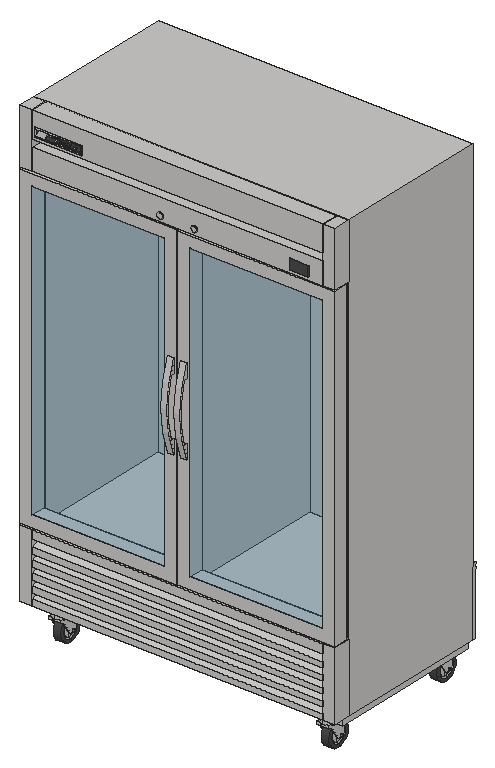
Revit family "QF_TRUE_T-49G-HC~FGD01", category Specialty Equipment, Revit 2015 (continued)
Definition of nested family "T-49G-HC-FGD01"
  Forms (in)
    Extrusion 53, solid, not visible
      from 0 to 0.15489
    Extrusion 54, solid, not visible
      sketch origin (-0.05149, -26.8125, 18.875) x (0, -1, 0) y (-1, 0, 0)
        loop
          circle (2.05773, -0.68546) r 0.25
      from 0 to 0.25
    Extrusion 55, solid, not visible
      sketch origin (24.98442, -26.46875, 73.625) x (-1, 0, 0) y (0, -1, 0)
        loop
          line (24.5625, 1.62139) -> (24.5625, 2.6725) -> (21.0974, 2.6725) -> (21.0974, 1.62139) -> (24.5625, 1.62139)
        loop
          circle (24.12704, 2.16728) r 0.25
        loop
          circle (22.47678, 2.15567) r 0.25
        loop
          circle (21.47678, 2.15567) r 0.25
      from 0 to 0.11097
    Extrusion 56, solid, not visible
      sketch origin (24.98442, -26.46875, 73.625) x (-1, 0, 0) y (0, -1, 0)
        loop
          circle (22.47678, 2.15567) r 0.25
        loop
          circle (21.47678, 2.15567) r 0.25
      from 0 to 0.25
    Extrusion 57, solid, not visible
      sketch origin (24.98442, -26.46875, 73.625) x (-1, 0, 0) y (0, -1, 0)
        loop
          circle (24.12704, 2.16728) r 0.25
      from 0 to 0.25
    Extrusion 58, solid, not visible
      sketch origin (0.17192, -26.8125, 74.11977) x (-1, 0, 0) y (0, 1, 0)
        loop
          line (-0.22917, -2.35477) -> (-0.27027, 0) -> (-1.18806, 0) -> (-1.22917, -2.35477) -> (-0.22917, -2.35477)
        loop
          circle (-0.6841, -1.82353) r 0.25
      from 0.24477 to 0.38381
  Cuts and joins
    joined: Extrusion 1, Extrusion 7, Extrusion 9, Extrusion 14
  Lines and regions (in)
    symbolic lines
      curve 1: line (0, -29.8125, 0) -> (54.15625, -29.8125, 0)
      curve 2: line (0, 0.5, 0) -> (0, -29.8125, 0)
      curve 3: line (54.15625, 0.5, 0) -> (0, 0.5, 0)
      curve 4: line (54.15625, -29.8125, 0) -> (54.15625, 0.5, 0)
      curve 5: line (0, 0, 0) -> (54.15625, 0, 0)
      curve 6: line (0, -26.8125, 0) -> (54.15625, -26.8125, 0)
      curve 7: line (2, -29.8125, 0) -> (2, -26.8125, 0)
      curve 8: line (52.15625, -29.8125, 0) -> (52.15625, -26.8125, 0)
      curve 9: line (25.44851, -31.34375, 0) -> (25.44851, -29.8125, 0)
      curve 10: line (25.44851, -31.34375, 0) -> (26.45776, -31.34375, 0)
      curve 11: line (26.45776, -31.34375, 0) -> (26.45776, -29.8125, 0)
      curve 12: line (27.69849, -29.8125, 0) -> (27.69849, -31.34375, 0)
      curve 13: line (28.70774, -29.8125, 0) -> (28.70774, -31.34375, 0)
      curve 14: line (28.70774, -31.34375, 0) -> (27.69849, -31.34375, 0)
      curve 15: line (0, -29.8125, 0) -> (22.77628, -42.96239, 0)
      curve 16: arc (26.94851, -29.8125, 0) -> (25.72808, -36.66211, 0) -> (22.77628, -42.96239, 0) r 26.64931
      curve 17: line (54.15625, -29.8125, 0) -> (31.37997, -42.96239, 0)
      curve 18: arc (27.20774, -29.8125, 0) -> (28.42817, -36.66211, 0) -> (31.37997, -42.96239, 0) r 26.64931
  Dimensions and locks (in)
    equal spacing: plane 3 "LEFT", plane 7 "Center Y", plane 4 "RIGHT"
    plane 3 "LEFT" to plane 4 "RIGHT" = 54 5/32"
    equal spacing: plane 5 "FRONT", plane 8 "Center X", plane 1 "BACK"
    plane 5 "FRONT" to plane 1 "BACK" = 29 13/16"
    plane 6 "TOP" to level = 83 3/8"
    plane 6 "TOP" to plane 9 = 78 5/16"
    plane 9 to level = 5 1/16"
    plane 4 "RIGHT" to plane 3 "LEFT" = 54 5/32"
    plane 1 "BACK" to plane 10 = 1/2"
    plane 11 to plane 5 "FRONT" = 1 17/32"
    plane 10 to plane 11 = 31 27/32"
    plane 1 "BACK" to plane 14 = 55 1/4"
    plane 1 "BACK" to plane 15 = 55 1/4"
    plane 19 to Extrusion 2 = 1/4"
    plane 24 to Extrusion 16 = 1/4"
    aligned and locked: level to plane 2
  Automatic sketch dimensions
    Extrusion 2 sketch curve to Extrusion 2 sketch curve = 1 1/4"  (x2)
    Extrusion 2 sketch curve to Extrusion 2 sketch curve = 1"  (x7)
    Extrusion 2 sketch curve to Extrusion 2 sketch curve = 2"  (x2)
    Extrusion 2 sketch curve to Extrusion 2 sketch curve = 0"  (x9)
    Extrusion 2 sketch curve to Extrusion 2 sketch curve = 0.51258"
    Extrusion 2 sketch curve to Extrusion 2 sketch curve = 0.43712"
    Extrusion 4 sketch curve to Extrusion 2 = 0.97242"  (x2)
    Extrusion 2 to Extrusion 4 sketch curve = 22.14431"
    Extrusion 4 sketch curve to Extrusion 4 sketch curve = 5.86763"
    Extrusion 5 sketch curve to plane 14 = 0"  (x2)
    Extrusion 7 sketch curve to Extrusion 1 = 0"  (x3)
    Extrusion 1 to Extrusion 7 sketch curve = 0"  (x2)
    Extrusion 1 to Extrusion 7 sketch curve = 2"
    Extrusion 1 to Extrusion 7 sketch curve = 11 3/4"
    Extrusion 1 to Extrusion 7 sketch curve = 2 5/8"
    Extrusion 9 sketch curve to Extrusion 9 sketch curve = 2"
    Extrusion 10 sketch curve to Extrusion 10 sketch curve = 3 1/4"
    plane 12 to Extrusion 14 sketch curve = 3/16"
    Extrusion 14 sketch curve to plane 13 = 0"
    Extrusion 1 sketch curve to Extrusion 1 sketch curve = 2"
    Extrusion 1 sketch curve to Extrusion 1 sketch curve = 76 1/2"
    Extrusion 2 sketch curve to Extrusion 2 sketch curve = 4 1/2"
    Extrusion 2 sketch curve to Extrusion 2 sketch curve = 3 3/4"
    Extrusion 2 sketch curve to Extrusion 2 sketch curve = 55 1/4"
    Extrusion 2 sketch curve to Extrusion 2 sketch curve = 1 1/2"
    Extrusion 2 sketch curve to Extrusion 2 sketch curve = 2.0503"  (x2)
    Extrusion 2 sketch curve to Extrusion 2 sketch curve = 2.80755"
    Extrusion 2 sketch curve to Extrusion 2 sketch curve = 3"
    Extrusion 5 sketch curve to Extrusion 5 sketch curve = 25 7/16"
    Extrusion 5 sketch curve to Extrusion 5 sketch curve = 0"
    Extrusion 5 sketch curve to Extrusion 5 sketch curve = 1.20981"  (x2)
    Extrusion 5 sketch curve to Extrusion 5 sketch curve = 0.32668"
    Extrusion 5 sketch curve to Extrusion 5 sketch curve = 0.25923"
    Extrusion 5 sketch curve to Extrusion 5 sketch curve = 26.62183"
    Extrusion 9 sketch curve to Extrusion 9 sketch curve = 76 1/2"
    Extrusion 10 sketch curve to Extrusion 10 sketch curve = 1 3/4"
    Extrusion 11 sketch curve to Extrusion 11 sketch curve = 9 1/2"
    Extrusion 11 sketch curve to Extrusion 11 sketch curve = 55 1/4"
    Extrusion 11 sketch curve to Extrusion 11 sketch curve = 11 3/4"
    Extrusion 11 sketch curve to Extrusion 11 sketch curve = 0"
    Extrusion 11 sketch curve to Extrusion 11 sketch curve = 3"  (x2)
    Extrusion 12 sketch curve to Extrusion 12 sketch curve = 9 1/2"
    Extrusion 12 sketch curve to Extrusion 12 sketch curve = 55 1/4"
    Extrusion 12 sketch curve to Extrusion 12 sketch curve = 11 3/4"
    Extrusion 12 sketch curve to Extrusion 12 sketch curve = 0"
    Extrusion 12 sketch curve to Extrusion 12 sketch curve = 3"  (x2)
    Extrusion 16 sketch curve to Extrusion 16 sketch curve = 1 1/4"  (x2)
    Extrusion 16 sketch curve to Extrusion 16 sketch curve = 1"  (x7)
    Extrusion 16 sketch curve to Extrusion 16 sketch curve = 2"  (x2)
    Extrusion 16 sketch curve to Extrusion 16 sketch curve = 0"  (x9)
    Extrusion 16 sketch curve to Extrusion 16 sketch curve = 0.51258"
    Extrusion 16 sketch curve to Extrusion 16 sketch curve = 0.43712"
    Extrusion 18 sketch curve to Extrusion 16 = 0.97242"  (x2)
    Extrusion 16 to Extrusion 18 sketch curve = 22.14431"
    Extrusion 18 sketch curve to Extrusion 18 sketch curve = 5.86763"
    Extrusion 19 sketch curve to plane 18 = 0"  (x2)
    Extrusion 21 sketch curve to Extrusion 15 = 0"  (x3)
    Extrusion 15 to Extrusion 21 sketch curve = 0"  (x2)
    Extrusion 15 to Extrusion 21 sketch curve = 2"
    Extrusion 15 to Extrusion 21 sketch curve = 11 3/4"
    Extrusion 15 to Extrusion 21 sketch curve = 2 5/8"
    Extrusion 23 sketch curve to Extrusion 23 sketch curve = 2"
    Extrusion 24 sketch curve to Extrusion 24 sketch curve = 3 1/4"
    plane 16 to Extrusion 28 sketch curve = 3/16"
    Extrusion 28 sketch curve to plane 17 = 0"
    Extrusion 15 sketch curve to Extrusion 15 sketch curve = 2"
    Extrusion 15 sketch curve to Extrusion 15 sketch curve = 76 1/2"
    Extrusion 16 sketch curve to Extrusion 16 sketch curve = 4 1/2"
    Extrusion 16 sketch curve to Extrusion 16 sketch curve = 3 3/4"
    Extrusion 16 sketch curve to Extrusion 16 sketch curve = 55 1/4"
    Extrusion 16 sketch curve to Extrusion 16 sketch curve = 1 1/2"
    Extrusion 16 sketch curve to Extrusion 16 sketch curve = 2.0503"  (x2)
    Extrusion 16 sketch curve to Extrusion 16 sketch curve = 2.80755"
    Extrusion 16 sketch curve to Extrusion 16 sketch curve = 3"
    Extrusion 19 sketch curve to Extrusion 19 sketch curve = 25 7/16"
    Extrusion 19 sketch curve to Extrusion 19 sketch curve = 0"
    Extrusion 19 sketch curve to Extrusion 19 sketch curve = 1.20981"  (x2)
    Extrusion 19 sketch curve to Extrusion 19 sketch curve = 0.32668"
    Extrusion 19 sketch curve to Extrusion 19 sketch curve = 0.25923"
    Extrusion 19 sketch curve to Extrusion 19 sketch curve = 26.62183"
    Extrusion 23 sketch curve to Extrusion 23 sketch curve = 76 1/2"
    Extrusion 24 sketch curve to Extrusion 24 sketch curve = 1 3/4"
    Extrusion 25 sketch curve to Extrusion 25 sketch curve = 9 1/2"
    Extrusion 25 sketch curve to Extrusion 25 sketch curve = 55 1/4"
    Extrusion 25 sketch curve to Extrusion 25 sketch curve = 11 3/4"
    Extrusion 25 sketch curve to Extrusion 25 sketch curve = 0"
    Extrusion 25 sketch curve to Extrusion 25 sketch curve = 3"  (x2)
    Extrusion 26 sketch curve to Extrusion 26 sketch curve = 9 1/2"
    Extrusion 26 sketch curve to Extrusion 26 sketch curve = 55 1/4"
    Extrusion 26 sketch curve to Extrusion 26 sketch curve = 11 3/4"
    Extrusion 26 sketch curve to Extrusion 26 sketch curve = 0"
    Extrusion 26 sketch curve to Extrusion 26 sketch curve = 3"  (x2)
    Extrusion 6 to Extrusion 29 sketch curve = 4.84595"
    Extrusion 6 to Extrusion 29 sketch curve = 27 5/64"
    curve 1 to plane 3 "LEFT" = 0"
    plane 5 "FRONT" to curve 7 = 0"
    plane 11 to curve 12 = 0"
    curve 1 to plane 4 "RIGHT" = 0"
    plane 1 "BACK" to curve 5 = 0"
    curve 3 to plane 10 = 0"
    plane 3 "LEFT" to curve 16 = 0.32668"
    curve 15 to plane 7 "Center Y" = 4.30184"
    plane 11 to curve 9 = 0"
    curve 9 to plane 7 "Center Y" = 1.62962"
    curve 11 to plane 7 "Center Y" = 0.62037"
    plane 7 "Center Y" to curve 12 = 0.62037"
    curve 12 to curve 14 = 1.00925"
    plane 7 "Center Y" to curve 17 = 4.30184"
    plane 4 "RIGHT" to curve 18 = 0.32668"
    plane 11 to curve 15 = 11.61864"
    curve 15 to curve 17 = 0"
    curve 18 to plane 5 "FRONT" = 1.20981"
    curve 16 to plane 5 "FRONT" = 1.20981"
    plane 3 "LEFT" to curve 7 = 2"
    plane 4 "RIGHT" to curve 8 = 2"
    curve 18 to curve 8 = 1.79019"
    Extrusion 14 sketch curve to Extrusion 14 sketch curve = 2"
    Extrusion 8 sketch curve to Extrusion 8 sketch curve = 2"  (x8)
    Extrusion 8 sketch curve to Extrusion 8 sketch curve = 22.94851"  (x2)
    Extrusion 8 sketch curve to Extrusion 8 sketch curve = 0.25923"
    Extrusion 8 sketch curve to Extrusion 8 sketch curve = 0"  (x2)
    Extrusion 8 sketch curve to Extrusion 8 sketch curve = 50 3/4"
    Extrusion 3 sketch curve to Extrusion 3 sketch curve = 22.94851"  (x2)
    Extrusion 3 sketch curve to Extrusion 3 sketch curve = 4.25923"
    Extrusion 3 sketch curve to Extrusion 3 sketch curve = 0"  (x2)
    Extrusion 3 sketch curve to Extrusion 3 sketch curve = 50 3/4"
    Extrusion 30 sketch curve to plane 20 = 0"
    plane 21 to Extrusion 30 sketch curve = 0"
    Extrusion 30 sketch curve to plane 20 = 2 1/2"
    Extrusion 30 sketch curve to plane 21 = 2 1/2"
    Extrusion 30 sketch curve to Extrusion 30 sketch curve = 0.60964"  (x2)
    Extrusion 30 sketch curve to Extrusion 30 sketch curve = 17.54993"
    Extrusion 30 sketch curve to Extrusion 30 sketch curve = 0.05175"
    Extrusion 31 sketch curve to plane 22 = 0"
    plane 23 to Extrusion 31 sketch curve = 0"
    Extrusion 31 sketch curve to plane 22 = 2 1/2"
    Extrusion 31 sketch curve to plane 23 = 2 1/2"
    Extrusion 31 sketch curve to Extrusion 31 sketch curve = 0.60964"  (x2)
    Extrusion 31 sketch curve to Extrusion 31 sketch curve = 17.54993"
    Extrusion 31 sketch curve to Extrusion 31 sketch curve = 0.05054"
    Extrusion 30 sketch curve to Extrusion 30 sketch curve = 0"
    Extrusion 31 sketch curve to Extrusion 31 sketch curve = 0"
    Extrusion 28 sketch curve to Extrusion 28 sketch curve = 2"
    Extrusion 22 sketch curve to Extrusion 22 sketch curve = 2"  (x8)
    Extrusion 22 sketch curve to Extrusion 22 sketch curve = 22.94851"  (x2)
    Extrusion 22 sketch curve to Extrusion 22 sketch curve = 0.25923"
    Extrusion 22 sketch curve to Extrusion 22 sketch curve = 0"  (x2)
    Extrusion 22 sketch curve to Extrusion 22 sketch curve = 50 3/4"
    Extrusion 17 sketch curve to Extrusion 17 sketch curve = 22.94851"  (x2)
    Extrusion 17 sketch curve to Extrusion 17 sketch curve = 4.25923"
    Extrusion 17 sketch curve to Extrusion 17 sketch curve = 0"  (x2)
    Extrusion 17 sketch curve to Extrusion 17 sketch curve = 50 3/4"
    Extrusion 34 sketch curve to plane 9 = 0"
    Extrusion 34 sketch curve to plane 29 = 0"
    Extrusion 34 sketch curve to plane 30 = 0"
    Extrusion 34 sketch curve to plane 9 = 1 13/16"
    Extrusion 13 sketch curve to Extrusion 1 = 11 1/2"  (x2)
    Extrusion 1 to Extrusion 13 sketch curve = 23.19851"
    Extrusion 13 sketch curve to Extrusion 13 sketch curve = 23.44851"
    Extrusion 13 sketch curve to Extrusion 13 sketch curve = 1 1/2"  (x3)
    Extrusion 13 sketch curve to Extrusion 13 sketch curve = 1.62134"  (x3)
    Extrusion 13 sketch curve to Extrusion 13 sketch curve = 0"  (x2)
    Extrusion 13 sketch curve to Extrusion 1 = 1/4"  (x2)
    Extrusion 13 sketch curve to Extrusion 13 sketch curve = 0.75923"
    Extrusion 13 sketch curve to Extrusion 1 = 13 3/4"
    Extrusion 6 sketch curve to Extrusion 1 = 0"  (x2)
    Extrusion 6 sketch curve to Extrusion 1 = 3/8"
    Extrusion 6 sketch curve to Extrusion 6 sketch curve = 10.68144"
    Extrusion 6 sketch curve to Extrusion 6 sketch curve = 0.34482"
    Extrusion 6 sketch curve to Extrusion 6 sketch curve = 0.3805"
    Extrusion 6 sketch curve to Extrusion 6 sketch curve = 0.16647"
    Extrusion 6 sketch curve to Extrusion 1 = 0.32496"
    Extrusion 6 sketch curve to Extrusion 6 sketch curve = 0.17678"
    Extrusion 6 sketch curve to Extrusion 6 sketch curve = 0.14819"
    Extrusion 6 sketch curve to Extrusion 6 sketch curve = 0"
    Extrusion 6 sketch curve to Extrusion 6 sketch curve = 1/8"
    Extrusion 6 sketch curve to Extrusion 6 sketch curve = 0.17504"
    Extrusion 27 sketch curve to Extrusion 15 = 11 1/2"  (x2)
    Extrusion 15 to Extrusion 27 sketch curve = 23.19851"
    Extrusion 27 sketch curve to Extrusion 27 sketch curve = 23.44851"
    Extrusion 27 sketch curve to Extrusion 27 sketch curve = 1 1/2"  (x3)
    Extrusion 27 sketch curve to Extrusion 27 sketch curve = 1.62134"  (x3)
    Extrusion 27 sketch curve to Extrusion 27 sketch curve = 0"  (x2)
    Extrusion 27 sketch curve to Extrusion 15 = 1/4"  (x2)
    Extrusion 27 sketch curve to Extrusion 27 sketch curve = 0.75923"
    Extrusion 27 sketch curve to Extrusion 15 = 13 3/4"
    Extrusion 20 sketch curve to Extrusion 15 = 0"  (x2)
    Extrusion 20 sketch curve to Extrusion 15 = 3/8"
    Extrusion 20 sketch curve to Extrusion 20 sketch curve = 10.68144"
    Extrusion 20 sketch curve to Extrusion 20 sketch curve = 0.34482"
    Extrusion 20 sketch curve to Extrusion 20 sketch curve = 0.3805"
    Extrusion 20 sketch curve to Extrusion 20 sketch curve = 0.16647"
    Extrusion 20 sketch curve to Extrusion 15 = 0.32496"
    Extrusion 20 sketch curve to Extrusion 20 sketch curve = 0.17678"
    Extrusion 20 sketch curve to Extrusion 20 sketch curve = 0.14819"
    Extrusion 20 sketch curve to Extrusion 20 sketch curve = 0"
    Extrusion 20 sketch curve to Extrusion 20 sketch curve = 1/8"
    Extrusion 20 sketch curve to Extrusion 20 sketch curve = 0.17504"
    Extrusion 35 sketch curve to Extrusion 35 sketch curve = 0"  (x3)
    Extrusion 35 sketch curve to Extrusion 35 sketch curve = 0.0075"
    Extrusion 35 sketch curve to Extrusion 35 sketch curve = 2.06523"
    Extrusion 35 sketch curve to Extrusion 35 sketch curve = 0.04197"
    Extrusion 35 sketch curve to Extrusion 35 sketch curve = 0.42957"
    Extrusion 35 sketch curve to Extrusion 35 sketch curve = 0.94308"
    Extrusion 37 sketch curve to Extrusion 37 sketch curve = 0.37938"
    Extrusion 37 sketch curve to Extrusion 37 sketch curve = 1"
    Extrusion 37 sketch curve to Extrusion 37 sketch curve = 1.65026"
    Extrusion 37 sketch curve to Extrusion 37 sketch curve = 0.43546"
    Extrusion 37 sketch curve to Extrusion 37 sketch curve = 0.50522"
    Extrusion 37 sketch curve to Extrusion 37 sketch curve = 0.51683"  (x2)
    Extrusion 37 sketch curve to Extrusion 37 sketch curve = 0.53428"
    Extrusion 38 sketch curve to Extrusion 38 sketch curve = 1"
    Extrusion 38 sketch curve to Extrusion 38 sketch curve = 0"
    Extrusion 39 sketch curve to Extrusion 39 sketch curve = 0"  (x2)
    Extrusion 39 sketch curve to Extrusion 39 sketch curve = 1/4"
    Extrusion 40 sketch curve to Extrusion 40 sketch curve = 0.0411"
    Extrusion 40 sketch curve to Extrusion 40 sketch curve = 0.45494"
    Extrusion 40 sketch curve to Extrusion 40 sketch curve = 0.91779"
    Extrusion 40 sketch curve to Extrusion 40 sketch curve = 0.54506"
    Extrusion 40 sketch curve to Extrusion 40 sketch curve = 1.82353"
    Extrusion 40 sketch curve to Extrusion 40 sketch curve = 17/32"
    Extrusion 47 sketch curve to Extrusion 47 sketch curve = 0"  (x2)
    Extrusion 47 sketch curve to Extrusion 47 sketch curve = 2.05773"
    Extrusion 47 sketch curve to Extrusion 47 sketch curve = 0.0075"  (x2)
    Extrusion 47 sketch curve to Extrusion 47 sketch curve = 0.04197"
    Extrusion 47 sketch curve to Extrusion 47 sketch curve = 0.42957"
    Extrusion 47 sketch curve to Extrusion 47 sketch curve = 0.94308"
    Extrusion 49 sketch curve to Extrusion 49 sketch curve = 0.37938"
    Extrusion 49 sketch curve to Extrusion 49 sketch curve = 1"
    Extrusion 49 sketch curve to Extrusion 49 sketch curve = 1.65026"
    Extrusion 49 sketch curve to Extrusion 49 sketch curve = 0.43546"
    Extrusion 49 sketch curve to Extrusion 49 sketch curve = 0.53428"  (x2)
    Extrusion 49 sketch curve to Extrusion 49 sketch curve = 0.5459"
    Extrusion 49 sketch curve to Extrusion 49 sketch curve = 0.51683"
    Extrusion 50 sketch curve to Extrusion 50 sketch curve = 1"
    Extrusion 50 sketch curve to Extrusion 50 sketch curve = 0"
    Extrusion 51 sketch curve to Extrusion 51 sketch curve = 0"  (x2)
    Extrusion 51 sketch curve to Extrusion 51 sketch curve = 1/4"
    Extrusion 52 sketch curve to Extrusion 52 sketch curve = 0.0411"
    Extrusion 52 sketch curve to Extrusion 52 sketch curve = 0.54506"
    Extrusion 52 sketch curve to Extrusion 52 sketch curve = 0.91779"
    Extrusion 52 sketch curve to Extrusion 52 sketch curve = 0.45494"
    Extrusion 52 sketch curve to Extrusion 52 sketch curve = 1.82353"
    Extrusion 52 sketch curve to Extrusion 52 sketch curve = 17/32"
    Extrusion 53 sketch curve to Extrusion 53 sketch curve = 0"  (x2)
    Extrusion 53 sketch curve to Extrusion 53 sketch curve = 2.05773"
    Extrusion 53 sketch curve to Extrusion 53 sketch curve = 0.0075"  (x2)
    Extrusion 53 sketch curve to Extrusion 53 sketch curve = 0.04197"
    Extrusion 53 sketch curve to Extrusion 53 sketch curve = 0.42957"
    Extrusion 53 sketch curve to Extrusion 53 sketch curve = 0.94308"
    Extrusion 55 sketch curve to Extrusion 55 sketch curve = 0.37938"
    Extrusion 55 sketch curve to Extrusion 55 sketch curve = 1"
    Extrusion 55 sketch curve to Extrusion 55 sketch curve = 1.65026"
    Extrusion 55 sketch curve to Extrusion 55 sketch curve = 0.43546"
    Extrusion 55 sketch curve to Extrusion 55 sketch curve = 0.53428"  (x2)
    Extrusion 55 sketch curve to Extrusion 55 sketch curve = 0.5459"
    Extrusion 55 sketch curve to Extrusion 55 sketch curve = 0.51683"
    Extrusion 56 sketch curve to Extrusion 56 sketch curve = 1"
    Extrusion 56 sketch curve to Extrusion 56 sketch curve = 0"
    Extrusion 57 sketch curve to Extrusion 57 sketch curve = 0"  (x2)
    Extrusion 57 sketch curve to Extrusion 57 sketch curve = 1/4"
    Extrusion 58 sketch curve to Extrusion 58 sketch curve = 0.0411"
    Extrusion 58 sketch curve to Extrusion 58 sketch curve = 0.54506"
    Extrusion 58 sketch curve to Extrusion 58 sketch curve = 0.91779"
    Extrusion 58 sketch curve to Extrusion 58 sketch curve = 0.45494"
    Extrusion 58 sketch curve to Extrusion 58 sketch curve = 1.82353"
    Extrusion 58 sketch curve to Extrusion 58 sketch curve = 17/32"
    radius of Extrusion 4 sketch curve = 1/2"  (x2)
    radius of Extrusion 18 sketch curve = 1/2"  (x2)
    radius of Extrusion 29 sketch curve = 1/4"
    radius of Extrusion 35 sketch curve = 1/4"
    radius of Extrusion 36 sketch curve = 1/4"
    radius of Extrusion 37 sketch curve = 1/4"  (x3)
    radius of Extrusion 38 sketch curve = 1/4"  (x2)
    radius of Extrusion 40 sketch curve = 1/4"
    radius of Extrusion 47 sketch curve = 1/4"
    radius of Extrusion 48 sketch curve = 1/4"
    radius of Extrusion 49 sketch curve = 1/4"  (x3)
    radius of Extrusion 50 sketch curve = 1/4"  (x2)
    radius of Extrusion 52 sketch curve = 1/4"
    radius of Extrusion 53 sketch curve = 1/4"
    radius of Extrusion 54 sketch curve = 1/4"
    radius of Extrusion 55 sketch curve = 1/4"  (x3)
    radius of Extrusion 56 sketch curve = 1/4"  (x2)
    radius of Extrusion 58 sketch curve = 1/4"
  Nested families (in)
    nested 1: "QF_LOGO_TRUE" at (2.5, -29.8125, 79.375), Show Logo <- "Show Logo", type "QF_LOGO_TRUE", detail levels medium+fine
      with Show Logo yes
  Definition of nested family "QF_LOGO_TRUE"
    Parameters (values of type "QF_LOGO_TRUE")
      Show Logo [instance] = yes
    Reference planes (in)
      plane 1 "Center (Front/Back)": y = 0
      plane 2: z = 0
      plane 3 "Center (Left/Right)": x = 0
    Forms (in)
      Extrusion 1, solid, visible <- "Show Logo", detail levels medium+fine
        sketch origin (-78.34647, 34.76905, -30.51001) x (1, 0, 0) y (0, 0, 1)
          loop
            line (81.15226, 31.65456) -> (81.07353, 31.48573) -> (82.12083, 31.48573)
            arc (82.12083, 31.48573) -> (82.14208, 31.44814) -> (82.12083, 31.41055) r 0.04386
            line (82.12083, 31.41055) -> (81.84767, 30.82478)
            arc (81.84767, 30.82478) -> (81.84531, 30.77052) -> (81.882, 30.73048) r 0.07096
            line (81.882, 30.73048) -> (82.55165, 30.73048)
            arc (82.55165, 30.73048) -> (82.63621, 30.75714) -> (82.69019, 30.82748) r 0.14742
            line (82.69019, 30.82748) -> (82.90515, 31.28847) -> (83.10265, 31.28847)
            arc (83.10265, 31.28847) -> (83.15447, 31.26942) -> (83.14697, 31.21472) r 0.04405
            line (83.14697, 31.21472) -> (82.9671, 30.82899)
            arc (82.9671, 30.82899) -> (82.9699, 30.76493) -> (83.02398, 30.73048) r 0.06943
            line (83.02398, 30.73048) -> (83.6124, 30.73048)
            arc (83.6124, 30.73048) -> (83.65748, 30.74689) -> (83.68147, 30.78844) r 0.07014
            arc (83.68147, 30.78844) -> (83.69845, 30.74745) -> (83.73943, 30.73048) r 0.05796
            line (83.73943, 30.73048) -> (84.112, 30.73048)
            arc (84.112, 30.73048) -> (84.15504, 30.74201) -> (84.18655, 30.77352) r 0.08608
            arc (84.18655, 30.77352) -> (84.20164, 30.7371) -> (84.23806, 30.72202) r 0.0515
            line (84.23806, 30.72202) -> (84.76757, 30.72202)
            arc (84.76757, 30.72202) -> (84.81086, 30.73995) -> (84.8288, 30.78324) r 0.06122
            arc (84.8288, 30.78324) -> (84.86848, 30.74355) -> (84.92269, 30.72903) r 0.10842
            line (84.92269, 30.72903) -> (85.91461, 30.72903) -> (86.02479, 30.91987) -> (85.0243, 30.91987)
            arc (85.0243, 30.91987) -> (84.99669, 30.93902) -> (84.99566, 30.97261) r 0.03732
            line (84.99566, 30.97261) -> (85.01297, 31.00972)
            arc (85.01297, 31.00972) -> (85.03954, 31.04453) -> (85.0813, 31.05774) r 0.07263
            line (85.0813, 31.05774) -> (85.40289, 31.05774)
            arc (85.40289, 31.05774) -> (85.4723, 31.07633) -> (85.52311, 31.12715) r 0.13882
            line (85.52311, 31.12715) -> (85.61625, 31.28847)
            arc (85.61625, 31.28847) -> (85.61625, 31.37458) -> (85.54168, 31.41763) r 0.08611
            line (85.54168, 31.41763) -> (85.20227, 31.41763)
            arc (85.20227, 31.41763) -> (85.11574, 31.40294) -> (85.05538, 31.33923) r 0.13863
            line (85.05538, 31.33923) -> (84.89409, 30.99333)
            arc (84.89409, 30.99333) -> (84.84649, 30.9313) -> (84.77191, 30.90778) r 0.13002
            line (84.77191, 30.90778) -> (84.41984, 30.90778)
            arc (84.41984, 30.90778) -> (84.3777, 30.95378) -> (84.38042, 31.0161) r 0.08151
            line (84.38042, 31.0161) -> (84.56766, 31.41763) -> (84.44849, 31.41763) -> (84.25012, 30.99222)
            arc (84.25012, 30.99222) -> (84.21158, 30.94199) -> (84.15119, 30.92296) r 0.10527
            line (84.15119, 30.92296) -> (83.90842, 30.92296)
            arc (83.90842, 30.92296) -> (83.8674, 30.97642) -> (83.87619, 31.04323) r 0.08805
            line (83.87619, 31.04323) -> (84.05078, 31.41763) -> (83.92772, 31.41763) -> (83.72676, 30.98668)
            arc (83.72676, 30.98668) -> (83.68011, 30.94003) -> (83.61639, 30.92296) r 0.12745
            line (83.61639, 30.92296) -> (83.26484, 30.92296)
            arc (83.26484, 30.92296) -> (83.2017, 30.9524) -> (83.19563, 31.0218) r 0.06967
            line (83.19563, 31.0218) -> (83.31118, 31.26961) -> (83.47452, 31.26961)
            arc (83.47452, 31.26961) -> (83.50209, 31.35268) -> (83.56075, 31.41763) r 0.21289
            line (83.56075, 31.41763) -> (82.92244, 31.41763)
            arc (82.92244, 31.41763) -> (82.85151, 31.40191) -> (82.80242, 31.34834) r 0.12081
            line (82.80242, 31.34834) -> (82.6294, 30.9773)
            arc (82.6294, 30.9773) -> (82.58962, 30.93752) -> (82.53528, 30.92296) r 0.10869
            line (82.53528, 30.92296) -> (82.1542, 30.92296)
            arc (82.1542, 30.92296) -> (82.12446, 30.96315) -> (82.13012, 31.01283) r 0.06822
            line (82.13012, 31.01283) -> (82.38156, 31.48573) -> (83.01596, 31.48573) -> (83.09469, 31.65456) -> (82.46029, 31.65456) -> (82.53902, 31.8234) -> (82.31334, 31.8234) -> (82.23461, 31.65456) -> (81.15226, 31.65456)
          loop
            arc (85.15937, 31.26434) -> (85.13191, 31.25698) -> (85.1118, 31.23688) r 0.05494
            line (85.1118, 31.23688) -> (85.09547, 31.18665)
            arc (85.09547, 31.18665) -> (85.10304, 31.16837) -> (85.12133, 31.16079) r 0.02586
            line (85.12133, 31.16079) -> (85.39889, 31.16079)
            arc (85.39889, 31.16079) -> (85.41888, 31.16523) -> (85.43513, 31.1777) r 0.04731
            line (85.43513, 31.1777) -> (85.44863, 31.2402)
            arc (85.44863, 31.2402) -> (85.44466, 31.25693) -> (85.42914, 31.26434) r 0.01994
            line (85.42914, 31.26434) -> (85.15937, 31.26434)
          loop
            line (78.62961, 30.74125) -> (80.12032, 30.74125) -> (80.73891, 31.81268) -> (79.2482, 31.81268) -> (78.62961, 30.74125)
        from 34.76797 to 34.83173
      Extrusion 2, solid, visible <- "Show Logo", detail levels medium+fine
        sketch origin (-142.84857, 34.75108, -33.3546) x (1, 0, 0) y (0, 0, 1)
          loop
            line (150.81107, 34.71978) -> (142.98607, 34.71978) -> (142.98607, 33.4921) -> (150.81107, 33.4921) -> (150.81107, 34.71978)
        from 34.75108 to 34.78125
      Extrusion 3, solid, visible <- "Show Logo", detail levels medium+fine
        sketch origin (-142.84857, 34.75108, -33.3546) x (1, 0, 0) y (0, 0, 1)
          loop
            line (150.94857, 34.85727) -> (142.84857, 34.85727) -> (142.84857, 33.3546) -> (150.94857, 33.3546) -> (150.94857, 34.85727)
          loop
            line (142.98607, 34.71978) -> (142.98607, 33.4921) -> (150.81107, 33.4921) -> (150.81107, 34.71978) -> (142.98607, 34.71978)
        from 34.75108 to 34.81376
      Extrusion 4, solid, not visible
        sketch origin (121.45701, -16.5, 4.98235) x (1, 0, 0) y (0, 0, 1)
          loop
            line (25.20115, 35.89949) -> (25.20115, 33.96647) -> (30.95381, 33.96647) -> (30.95381, 35.89949) -> (25.20115, 35.89949)
        from 31.5 to 31.54261
      Extrusion 5, solid, not visible
        sketch origin (121.45701, -16.5, 4.98235) x (1, 0, 0) y (0, 0, 1)
          loop
            line (26.7387, 34.95472) -> (26.61492, 34.49276) -> (27.038, 34.49276)
            arc (27.038, 34.49276) -> (27.13117, 34.52484) -> (27.18485, 34.60749) r 0.15134
            arc (27.18485, 34.60749) -> (27.20396, 34.68138) -> (27.22435, 34.75493) r 4.37326
            arc (27.22435, 34.75493) -> (27.23458, 34.81765) -> (27.22435, 34.88037) r 0.1974
            arc (27.22435, 34.88037) -> (27.18247, 34.93579) -> (27.11563, 34.95472) r 0.10914
            line (27.11563, 34.95472) -> (26.7387, 34.95472)
          loop
            line (26.90201, 34.80638) -> (26.84645, 34.59903) -> (26.92855, 34.59903)
            arc (26.92855, 34.59903) -> (26.98205, 34.6185) -> (27.01051, 34.6678) r 0.08322
            line (27.01051, 34.6678) -> (27.02399, 34.74424)
            arc (27.02399, 34.74424) -> (27.01491, 34.78454) -> (26.97985, 34.80638) r 0.05353
            line (26.97985, 34.80638) -> (26.90201, 34.80638)
          loop
            line (27.45336, 34.66131) -> (27.76233, 34.66131) -> (27.78859, 34.73909)
            arc (27.78859, 34.73909) -> (27.7878, 34.82039) -> (27.73107, 34.87864) r 0.10925
            arc (27.73107, 34.87864) -> (27.68233, 34.8944) -> (27.63139, 34.89974) r 0.24595
            line (27.63139, 34.89974) -> (27.46708, 34.89974)
            arc (27.46708, 34.89974) -> (27.4068, 34.88073) -> (27.3535, 34.84677) r 0.2421
            arc (27.3535, 34.84677) -> (27.2897, 34.76363) -> (27.26702, 34.66131) r 0.2421
            line (27.26702, 34.66131) -> (27.26702, 34.54477)
            arc (27.26702, 34.54477) -> (27.31618, 34.4956) -> (27.38334, 34.47761) r 0.13431
            line (27.38334, 34.47761) -> (27.59054, 34.47761)
            arc (27.59054, 34.47761) -> (27.63459, 34.48281) -> (27.67622, 34.49812) r 0.18924
            line (27.67622, 34.49812) -> (27.73102, 34.61563)
            arc (27.73102, 34.61563) -> (27.68453, 34.59565) -> (27.63566, 34.58252) r 0.35376
            arc (27.63566, 34.58252) -> (27.55885, 34.56956) -> (27.48204, 34.58252) r 0.23415
            arc (27.48204, 34.58252) -> (27.44492, 34.61362) -> (27.45336, 34.66131) r 0.04838
          loop
            line (27.4842, 34.73042) -> (27.62012, 34.73042) -> (27.62621, 34.76496)
            arc (27.62621, 34.76496) -> (27.58961, 34.80242) -> (27.53739, 34.80638) r 0.0742
            arc (27.53739, 34.80638) -> (27.49747, 34.77773) -> (27.4842, 34.73042) r 0.0742
          loop
            line (27.91616, 34.97572) -> (27.78675, 34.49276) -> (27.98645, 34.49276) -> (28.11586, 34.97572) -> (27.91616, 34.97572)
          loop
            line (28.13678, 34.66131) -> (28.08755, 34.47761) -> (28.27134, 34.47761) -> (28.32056, 34.66131) -> (28.43674, 34.66131) -> (28.47974, 34.78864) -> (28.36519, 34.78864)
            arc (28.36519, 34.78864) -> (28.35733, 34.81649) -> (28.36921, 34.84288) r 0.04231
            arc (28.36921, 34.84288) -> (28.431, 34.8652) -> (28.49617, 34.85686) r 0.13988
            line (28.49617, 34.85686) -> (28.53544, 34.97317)
            arc (28.53544, 34.97317) -> (28.39725, 34.99096) -> (28.25905, 34.97317) r 0.54546
            arc (28.25905, 34.97317) -> (28.20849, 34.91994) -> (28.18197, 34.85147) r 0.1894
            line (28.18197, 34.85147) -> (28.17089, 34.78864) -> (28.11397, 34.78864) -> (28.07985, 34.66131) -> (28.13678, 34.66131)
          loop
            arc (28.74846, 34.89756) -> (28.65884, 34.88533) -> (28.56922, 34.89756) r 0.33455
            line (28.56922, 34.89756) -> (28.45669, 34.47761) -> (28.63593, 34.47761) -> (28.74846, 34.89756)
          loop
            arc (28.60398, 35.01195) -> (28.57699, 34.97173) -> (28.60398, 34.9315) r 0.04347
            line (28.60398, 34.9315) -> (28.75755, 34.9315)
            arc (28.75755, 34.9315) -> (28.78645, 34.96687) -> (28.77911, 35.01195) r 0.0556
            line (28.77911, 35.01195) -> (28.60398, 35.01195)
          loop
            line (28.95336, 34.66131) -> (29.26233, 34.66131) -> (29.28859, 34.73909)
            arc (29.28859, 34.73909) -> (29.2878, 34.82039) -> (29.23107, 34.87864) r 0.10925
            arc (29.23107, 34.87864) -> (29.18233, 34.8944) -> (29.13139, 34.89974) r 0.24595
            line (29.13139, 34.89974) -> (28.96708, 34.89974)
            arc (28.96708, 34.89974) -> (28.9068, 34.88073) -> (28.8535, 34.84677) r 0.2421
            arc (28.8535, 34.84677) -> (28.7897, 34.76363) -> (28.76702, 34.66131) r 0.2421
            line (28.76702, 34.66131) -> (28.76702, 34.54477)
            arc (28.76702, 34.54477) -> (28.81618, 34.4956) -> (28.88334, 34.47761) r 0.13431
            line (28.88334, 34.47761) -> (29.09054, 34.47761)
            arc (29.09054, 34.47761) -> (29.13459, 34.48281) -> (29.17622, 34.49812) r 0.18924
            line (29.17622, 34.49812) -> (29.23102, 34.61563)
            arc (29.23102, 34.61563) -> (29.18453, 34.59565) -> (29.13566, 34.58252) r 0.35376
            arc (29.13566, 34.58252) -> (29.05885, 34.56956) -> (28.98204, 34.58252) r 0.23415
            arc (28.98204, 34.58252) -> (28.94492, 34.61362) -> (28.95336, 34.66131) r 0.04838
          loop
            line (28.9842, 34.73042) -> (29.12012, 34.73042) -> (29.12621, 34.76496)
            arc (29.12621, 34.76496) -> (29.08961, 34.80242) -> (29.03739, 34.80638) r 0.0742
            arc (29.03739, 34.80638) -> (28.99747, 34.77773) -> (28.9842, 34.73042) r 0.0742
          loop
            line (29.41616, 34.97572) -> (29.28675, 34.49276) -> (29.48645, 34.49276) -> (29.61586, 34.97572) -> (29.41616, 34.97572)
          loop
            line (29.99836, 34.97572) -> (29.95192, 34.80242)
            arc (29.95192, 34.80242) -> (29.94473, 34.85705) -> (29.90102, 34.89059) r 0.07199
            arc (29.90102, 34.89059) -> (29.80023, 34.89941) -> (29.70251, 34.87322) r 0.29131
            arc (29.70251, 34.87322) -> (29.61806, 34.7652) -> (29.5896, 34.63108) r 0.30433
            line (29.5896, 34.63108) -> (29.5896, 34.55572)
            arc (29.5896, 34.55572) -> (29.61075, 34.50463) -> (29.66184, 34.48348) r 0.07224
            line (29.66184, 34.48348) -> (29.78537, 34.48348)
            arc (29.78537, 34.48348) -> (29.83854, 34.51313) -> (29.88504, 34.55243) r 0.31609
            line (29.88504, 34.55243) -> (29.86905, 34.49276) -> (30.05973, 34.49276) -> (30.18914, 34.97572) -> (29.99836, 34.97572)
          loop
            arc (29.84537, 34.75931) -> (29.79424, 34.71128) -> (29.77745, 34.64317) r 0.12371
            arc (29.77745, 34.64317) -> (29.80071, 34.59901) -> (29.85056, 34.59647) r 0.05045
            arc (29.85056, 34.59647) -> (29.90141, 34.64047) -> (29.92536, 34.7033) r 0.13769
            arc (29.92536, 34.7033) -> (29.90211, 34.75521) -> (29.84537, 34.75931) r 0.05543
          loop
            line (26.45047, 35.26762) -> (26.58211, 35.26762)
            arc (26.58211, 35.26762) -> (26.60467, 35.30821) -> (26.62126, 35.35157) r 0.3277
            arc (26.62126, 35.35157) -> (26.62714, 35.39992) -> (26.60877, 35.44503) r 0.09693
            arc (26.60877, 35.44503) -> (26.56454, 35.48868) -> (26.50462, 35.50516) r 0.12312
            arc (26.50462, 35.50516) -> (26.44158, 35.50565) -> (26.37854, 35.50546) r 5.76967
            arc (26.37854, 35.50546) -> (26.07462, 35.42923) -> (25.81045, 35.26076) r 0.97743
            line (25.81045, 35.26076) -> (25.85921, 35.26076)
            arc (25.85921, 35.26076) -> (26.08494, 35.39361) -> (26.3396, 35.45485) r 0.88817
            arc (26.3396, 35.45485) -> (26.41429, 35.44188) -> (26.47267, 35.39352) r 0.14748
            arc (26.47267, 35.39352) -> (26.48041, 35.32725) -> (26.45047, 35.26762) r 0.11636
          loop
            arc (26.35412, 35.17841) -> (26.19578, 35.0555) -> (26.00982, 34.98069) r 0.72453
            arc (26.00982, 34.98069) -> (25.9036, 34.95581) -> (25.79459, 34.9604) r 0.40201
            arc (25.79459, 34.9604) -> (25.7275, 34.98819) -> (25.69972, 35.05528) r 0.09488
            arc (25.69972, 35.05528) -> (25.71867, 35.12629) -> (25.77049, 35.17841) r 0.1425
            line (25.77049, 35.17841) -> (25.73665, 35.18748)
            arc (25.73665, 35.18748) -> (25.67632, 35.09876) -> (25.66924, 34.99171) r 0.20432
            arc (25.66924, 34.99171) -> (25.71443, 34.9227) -> (25.79473, 34.90384) r 0.11116
            arc (25.79473, 34.90384) -> (25.91172, 34.89904) -> (26.02716, 34.91862) r 0.56145
            arc (26.02716, 34.91862) -> (26.27675, 35.021) -> (26.49584, 35.17841) r 1.15683
            line (26.49584, 35.17841) -> (26.35412, 35.17841)
        from 31.54261 to 31.56272
    Dimensions and locks (in)
      aligned and locked: level to plane 2
      aligned and locked: Extrusion 2 to Extrusion 3  (x2)
      aligned and locked: Extrusion 2 sketch curve to Extrusion 3
